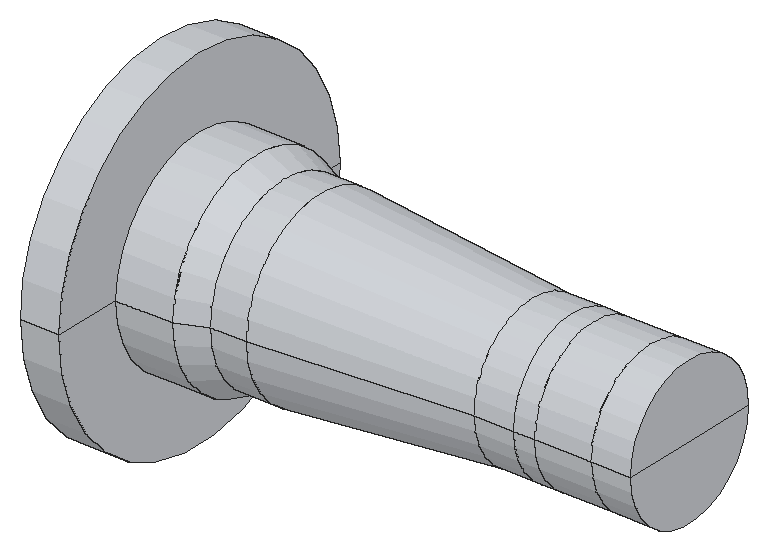
Revit family "d830714be66c4712b15b9eaa06d136b1", category Pipe Fittings, Revit 2021
Family settings
  Round Connector Dimension = Use Radius
  Part Type = Transition
  OmniClass Number = 23.60.30.11.14
  OmniClass Title = Pipework Fittings
  Work Plane-Based = No
  Always vertical = Yes
  Cut with Voids When Loaded = No
  Shared = No
Parameters (values of type "Standard")
  Visibility 2 [instance] = Nominal Diameter 2 > Nominal Diameter 1  # no
  Visibility 1 [instance] = Nominal Diameter 1 > Nominal Diameter 2  # yes
  URL = ""
  Type Comments = ""
  Tick Size 2 [instance] = if(Nominal Diameter 1 > Nominal Diameter 2, Min Tick Size 12, Max Tick Size 12)  # 1.5280"
  Tick Size 1 [instance] = if(Nominal Diameter 1 > Nominal Diameter 2, Max Tick Size 12, Min Tick Size 12)  # 1.9200"
  Min Tick Size 12 [instance] = Min Fitting Outside Diameter 12 * 0.4  # 1.5280"
  Max Tick Size 12 [instance] = Max Fitting Outside Diameter 12 * 0.4  # 1.9200"
  Socket Outside Radius 2 [instance] = Socket Outside Diameter 2 / 2  # 1.9100"
  Socket Outside Radius 1 [instance] = Socket Outside Diameter 1 / 2  # 2.7250"
  Socket Outside Diameter 2 [instance] = if(Nominal Diameter 1 > Nominal Diameter 2, Fitting Outside Diameter 2, Max Socket Outside Diameter 12)  # 3.8200"
  Socket Outside Diameter 1 [instance] = if(Nominal Diameter 1 > Nominal Diameter 2, Max Socket Outside Diameter 12, Fitting Outside Diameter 1)  # 5.4500"
  Socket Depth 2 [instance] = if(Nominal Diameter 2 < 14.0000", 2.5000", if(Nominal Diameter 2 < 30.0000", 3.5000", 4.0000"))  # 2.5000"
  Socket Depth 1 [instance] = if(Nominal Diameter 1 < 14.0000", 2.5000", if(Nominal Diameter 1 < 30.0000", 3.5000", 4.0000"))  # 2.5000"
  Min Socket Outside Diameter 12 [instance] = size_lookup(Lookup Table Name, "SOD", 1.1 * Min Nominal Diameter 12 + 0.8700", Min Nominal Diameter 12)  # 4.1700"
  Max Socket Outside Diameter 12 [instance] = size_lookup(Lookup Table Name, "SOD", 1.04 * Max Nominal Diameter 12 + 0.1300", Max Nominal Diameter 12)  # 5.4500"
  Nominal Radius 2 [instance] = 1.5000"
  Nominal Radius 1 [instance] = 2.0000"
  Nominal Diameter 2 [instance] = Nominal Radius 2 * 2  # 3.0000"
  Nominal Diameter 1 [instance] = Nominal Radius 1 * 2  # 4.0000"
  Min Nominal Diameter 12 [instance] = if(Nominal Diameter 1 > Nominal Diameter 2, Nominal Diameter 2, Nominal Diameter 1)  # 3.0000"
  Max Nominal Diameter 12 [instance] = if(Nominal Diameter 1 > Nominal Diameter 2, Nominal Diameter 1, Nominal Diameter 2)  # 4.0000"
  Manufacturer = ""
  Loss Method = K Coefficient from Table
  Lookup Table Name = "Reducer - MJ x PE - DI - Class 350"
  Length [instance] = size_lookup(Lookup Table Name, "Lgt", 2 * Max Nominal Diameter 12 + Socket Depth 1 - Socket Depth 2, Max Nominal Diameter 12, Min Nominal Diameter 12)  # 13.7500"
  K Coefficient Table = "Reducer/Coupling/Union/Increaser"
  Fitting Outside Radius 2 [instance] = Fitting Outside Diameter 2 / 2  # 1.9100"
  Fitting Outside Radius 1 [instance] = Fitting Outside Diameter 1 / 2  # 2.4000"
  Min Fitting Outside Diameter 12 [instance] = size_lookup(Lookup Table Name, "FOD", 1.04 * Min Nominal Diameter 12 + 0.7000", Min Nominal Diameter 12)  # 3.8200"
  Max Fitting Outside Diameter 12 [instance] = size_lookup(Lookup Table Name, "FOD", 1.04 * Max Nominal Diameter 12 + 0.7000", Max Nominal Diameter 12)  # 4.8000"
  built-in parameter 1114238 [instance] = (empty or 0)
  Fitting Outside Diameter 2 [instance] = if(Nominal Diameter 1 > Nominal Diameter 2, Min Fitting Outside Diameter 12, Max Fitting Outside Diameter 12)  # 3.8200"
  Fitting Outside Diameter 1 [instance] = if(Nominal Diameter 1 > Nominal Diameter 2, Max Fitting Outside Diameter 12, Min Fitting Outside Diameter 12)  # 4.8000"
  Description = ""
  Default Elevation = 0.0000"
  Bevel Length 2 [instance] = size_lookup(Lookup Table Name, "BvLgt", 0.04 * Nominal Diameter 2 + 0.4300", Nominal Diameter 2)  # 0.5500"
  Bevel Length 1 [instance] = size_lookup(Lookup Table Name, "BvLgt", 0.04 * Nominal Diameter 1 + 0.4300", Nominal Diameter 1)  # 0.6500"
  Gland Width 2 [instance] = size_lookup(Lookup Table Name, "GWid", 0.03 * Nominal Diameter 2 + 0.9400", Nominal Diameter 2)  # 1.0300"
  Gland Width 1 [instance] = size_lookup(Lookup Table Name, "GWid", 0.03 * Nominal Diameter 1 + 0.9400", Nominal Diameter 1)  # 1.0000"
  Gland Outside Radius 1 [instance] = Gland Outside Diameter 1 / 2  # 4.5600"
  Gland Outside Radius 2 [instance] = Gland Outside Diameter 2 / 2  # 1.9100"
  Max Gland Outside Diameter 12 [instance] = size_lookup(Lookup Table Name, "GOD", 1.16 * Max Nominal Diameter 12 + 4.0300", Max Nominal Diameter 12)  # 9.1200"
  Min Gland Outside Diameter 12 [instance] = size_lookup(Lookup Table Name, "GOD", 1.16 * Min Nominal Diameter 12 + 4.0300", Min Nominal Diameter 12)  # 7.5100"
  Gland Outside Diameter 2 [instance] = if(Nominal Diameter 1 > Nominal Diameter 2, Fitting Outside Diameter 2, Max Gland Outside Diameter 12)  # 3.8200"
  Gland Outside Diameter 1 [instance] = if(Nominal Diameter 1 > Nominal Diameter 2, Max Gland Outside Diameter 12, Fitting Outside Diameter 1)  # 9.1200"
  Assembly Code = ""
Reference planes (in)
  plane 1 "Center (Front/Back)": y = 0
  plane 2: z = 0
  plane 3 "Center (Left/Right)": x = 0
  plane 4 "Right": x = 13.75
  plane 5 "TK1 Top": y = 1.92
  plane 6 "TK1 Bottom": y = -1.92
  plane 7 "TK2 Top": y = 1.528
  plane 8 "TK2 Bottom": y = -1.528
  plane 9: y = 4.56
  plane 10: y = 2.725
  plane 11: x = 2.5
  plane 12: x = 3.15
  plane 13: y = 2.4
  plane 14 "SD2R": x = 11.25
  plane 15: x = 1
  plane 16: x = 12.72
  plane 17: x = 10.7
  plane 18: y = 1.91
  plane 19: y = 1.91
  plane 20: y = 1.91
  plane 21: x = 4.15
  plane 22: x = 9.67
Forms (in)
  Extrusion 1, solid, not visible
    sketch origin (0, 0, 0) x (0, 1, 0) y (0, 0, 1)
      loop
        circle (0, 0) r 1
    from 0 to 13.75
  Revolve 2, solid, detail levels fine
    sketch origin (0, 0, 0) x (1, 0, 0) y (0, 1, 0)
      loop
        line (1, 2.725) -> (1, 0) -> (12.72, 0) -> (12.72, 1.91) -> (11.25, 1.91) -> (10.7, 1.91) -> (9.67, 1.91) -> (4.15, 2.4) -> (3.2, 2.4) -> (2.5, 2.725) -> (1, 2.725)
      axis (1, 0) -> (12.72, 0)
    angle from 0 to 360
  Revolve 3, solid, detail levels fine
    sketch origin (0, 0, 0) x (1, 0, 0) y (0, 1, 0)
      loop
        line (0, 0) -> (1, 0) -> (1, 4.56) -> (0, 4.56) -> (0, 0)
      loop
        line (13.75, 0) -> (13.75, 1.91) -> (12.72, 1.91) -> (12.72, 0) -> (13.75, 0)
      axis (0, 0) -> (13.75, 0)
    angle from 0 to 360
Cuts and joins
  joined: Revolve 2, Revolve 3
Lines and regions (in)
  model lines, detail levels coarse+medium
    curve 1: line (0, 0, 0) -> (0, 1.92, 0)
    curve 2: line (0, -1.92, 0) -> (0, 0, 0)
    curve 3: line (13.75, 0, 0) -> (13.75, 1.528, 0)
    curve 4: line (13.75, 0, 0) -> (13.75, -1.528, 0)
  model lines, style "PipeFitting", visible <- "Visibility 1", detail levels coarse+medium
    curve 5: line (0, 1.92, 0) -> (13.75, 0, 0)
    curve 6: line (0, -1.92, 0) -> (13.75, 0, 0)
  model lines, style "PipeFitting", visible <- "Visibility 2", detail levels coarse+medium
    curve 7: line (13.75, 1.528, 0) -> (0, 0, 0)
    curve 8: line (0, 0, 0) -> (13.75, -1.528, 0)
Dimensions and locks (in)
  "Tick Size 1": plane 5 "TK1 Top" to plane 1 "Center (Front/Back)"
  "Tick Size 1": plane 6 "TK1 Bottom" to plane 1 "Center (Front/Back)"
  "Tick Size 2": plane 7 "TK2 Top" to plane 1 "Center (Front/Back)"
  "Tick Size 2": plane 8 "TK2 Bottom" to plane 1 "Center (Front/Back)"
  "Gland Outside Radius 1": plane 9 to plane 1 "Center (Front/Back)"
  "Socket Outside Radius 1": plane 1 "Center (Front/Back)" to plane 10
  "Fitting Outside Radius 1": plane 13 to plane 1 "Center (Front/Back)"
  "Length": plane 3 "Center (Left/Right)" to plane 4 "Right"
  "Socket Depth 2": plane 14 "SD2R" to plane 4 "Right"
  "Socket Depth 1": plane 3 "Center (Left/Right)" to plane 11
  "Gland Width 1": plane 3 "Center (Left/Right)" to plane 15
  "Gland Width 2": plane 16 to plane 4 "Right"
  "Bevel Length 1": plane 11 to plane 12
  "Bevel Length 2": plane 17 to plane 14 "SD2R"
  "Fitting Outside Radius 2": plane 18 to plane 1 "Center (Front/Back)"
  "Socket Outside Radius 2": plane 19 to plane 1 "Center (Front/Back)"
  "Gland Outside Radius 2": plane 20 to plane 1 "Center (Front/Back)"
  "Gland Width 1": plane 12 to plane 21
  "Gland Width 2": plane 22 to plane 17
  radius of Extrusion 1 sketch curve = 1.0000"
  aligned and locked: plane 2 to level
  aligned and locked: plane 2 to Extrusion 1 sketch curve
  aligned and locked: plane 1 "Center (Front/Back)" to Extrusion 1 sketch curve
  aligned and locked: Extrusion 1 to plane 3 "Center (Left/Right)"
  aligned and locked: plane 4 "Right" to Extrusion 1
  aligned and locked: plane 1 "Center (Front/Back)" to curve 2
  aligned and locked: plane 3 "Center (Left/Right)" to curve 1
  aligned and locked: plane 3 "Center (Left/Right)" to curve 2
  aligned and locked: plane 5 "TK1 Top" to curve 1
  aligned and locked: plane 6 "TK1 Bottom" to curve 2
  aligned and locked: curve 3 to plane 7 "TK2 Top"
  aligned and locked: curve 4 to plane 4 "Right"
  aligned and locked: plane 1 "Center (Front/Back)" to Revolve 2 sketch curve
  aligned and locked: Revolve 2 sketch curve to plane 10
  aligned and locked: plane 11 to Revolve 2 sketch curve
  aligned and locked: plane 14 "SD2R" to Revolve 2 sketch curve
  aligned and locked: plane 19 to Revolve 2 sketch curve
  aligned and locked: Revolve 2 sketch curve to Revolve 2 sketch curve
  aligned and locked: Revolve 2 sketch curve to plane 18
  aligned and locked: plane 22 to Revolve 2 sketch curve
  aligned and locked: Revolve 2 sketch curve to plane 13
  aligned and locked: plane 21 to Revolve 2 sketch curve
  aligned and locked: Revolve 3 sketch curve to plane 15
  aligned and locked: Revolve 3 sketch curve to plane 9
  aligned and locked: plane 20 to Revolve 3 sketch curve
  aligned and locked: plane 16 to Revolve 3 sketch curve
  aligned and locked: plane 4 "Right" to Revolve 3 sketch curve
  aligned and locked: Revolve 3 sketch curve to Revolve 3 sketch curve  (x2)
  aligned and locked: plane 3 "Center (Left/Right)" to Revolve 3 sketch curve
  aligned and locked: plane 15 to Revolve 2 sketch curve
  aligned and locked: plane 16 to Revolve 2 sketch curve
Automatic sketch dimensions
  plane 8 "TK2 Bottom" to curve 8 = 0.0000"
  plane 1 "Center (Front/Back)" to curve 4 = 0.0000"
  plane 1 "Center (Front/Back)" to Revolve 3 sketch curve = 0.0000"
  Revolve 3 sketch curve to plane 3 "Center (Left/Right)" = 9.7500"
  Revolve 3 sketch curve to Revolve 3 sketch curve = 7.2500"
  Revolve 2 sketch curve to plane 17 = 0.0000"
  Revolve 2 sketch curve to plane 3 "Center (Left/Right)" = 9.7500"
  Revolve 2 sketch curve to plane 12 = 0.0500"
  Revolve 2 sketch curve to Revolve 2 sketch curve = 8.3100"
Connectors (in)
  piping at (0, 0, 0), diameter 4, driven by "Nominal Radius 1"
    settings: on Extrusion 1, index 1, connector inside diameter 4.0000", connector length 0.0000", flow factor 0, pipe flow 0 GPM, pressure drop 0.00 psi, fitting loss kfactor 0, connector angle 0.00°, fixture units 0, engagement length 0.0000", angle of deflection 0.00°, flow configuration 0, flow direction 0, fitting loss method 0, system type 28, joint type 0, gender type 0, connector reference index 2, connector utility 0, adjustable connector no, is connector primary yes, connector description ""
  piping at (13.75, 0, 0), diameter 3, driven by "Nominal Radius 2"
    settings: on Extrusion 1, index 2, connector inside diameter 3.0000", connector length 0.0000", flow factor 0, pipe flow 0 GPM, pressure drop 0.00 psi, fitting loss kfactor 0, connector angle 0.00°, fixture units 0, engagement length 0.0000", angle of deflection 0.00°, flow configuration 0, flow direction 0, fitting loss method 0, system type 28, joint type 0, gender type 0, connector reference index 1, connector utility 0, adjustable connector no, is connector primary no, connector description ""
